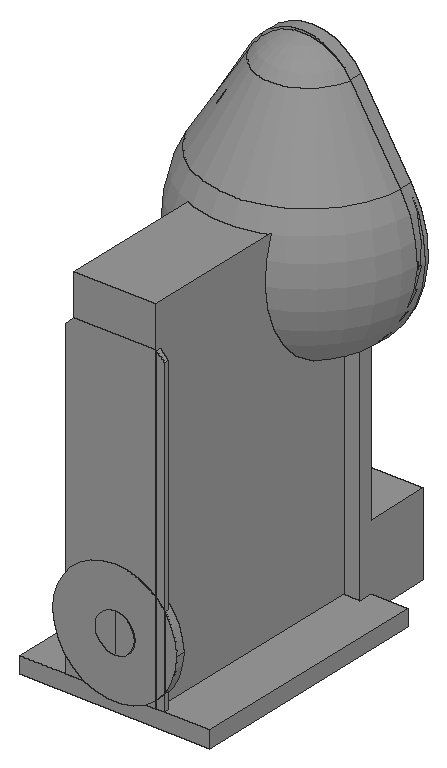
Revit family "Toilet-Willoughby-ETF-1490-FM-FA-BS", category Plumbing Fixtures, Revit 2015
Parameters (values of type "Standard")
  Waste DIA = 2 3/8"
  Waste Connection = yes
  W-RAD [instance] = Waste DIA / 2  # 0' - 1 3/16"
  Vent Connection = no
  URL = "https://www.willoughby-ind.com/wp-content/uploads/2018/01/ETF-1490-FM-FA.pdf"
  Type Comments = ""
  Revision = "A"
  Model = "ETF-1490-FM-FA-BS"
  Manufacturer = "Willoughby Industries"
  HW Connection = no
  Flush inlet DIA = 1 1/2"
  Flush Inlet Connection = yes
  Fixture Body = Stainless Steel AISI 304-Willoughby
  F-RAD [instance] = Flush inlet DIA / 2  # 0' - 0 3/4"
  Description = "Floor Outlet, Floor Mounted Toilet, Front Access, Back Spud"
  Default Elevation = 0' - 0"
  Contact Number = "(800) 428-4065"
  CW Connection = no
Reference planes (in)
  plane 1 "Base": y = -16.25
  plane 2: z = 0
  plane 3 "Center": x = 18.31072
  plane 4 "Waste height": y = -4.75
  plane 5: y = -1.25
  plane 6: z = -6.75
  plane 7: y = -2.125
  plane 8: y = -14.0625
  plane 9: y = 0.5
  plane 10: x = 16.56072
  plane 11: x = 20.06072
  plane 12: x = 11.56072
  plane 13: x = 25.06072
  plane 14: z = 23
  plane 15: z = 30.75
  plane 16: x = 15.81072
  plane 17: x = 20.81072
  plane 18: x = 15.81072
  plane 19: x = 20.81072
  plane 20: z = 4.25
  plane 21: x = 12.56072
  plane 22: x = 24.06072
  plane 23: y = 2.75
Forms (in)
  Extrusion 1, solid, material "Stainless Steel AISI 304-Willoughby" <- "Fixture Body"
    sketch origin (16.08109, 7.47968, -2.20225) x (-1, 0, 0) y (0, 0, -1)
      loop
        line (1.29775, -16.80087) -> (1.29775, -3.20225) -> (-5.72963, -3.20225) -> (-5.72963, -16.81676)
        arc (-5.72963, -16.81676) -> (-8.98136, -21.11843) -> (-8.21015, -26.45542) r 7
        line (-8.21015, -26.45542) -> (-5.16818, -31.31054)
        arc (-5.16818, -31.31054) -> (-2.20225, -32.95225) -> (0.76368, -31.31054) r 3.5
        line (0.76368, -31.31054) -> (3.80565, -26.45542)
        arc (3.80565, -26.45542) -> (4.5729, -21.10311) -> (1.29775, -16.80087) r 7
      loop
        arc (2.03989, -24.70557) -> (-2.20225, -18.23804) -> (-6.44438, -24.70557) r 4.625
        line (-6.44438, -24.70557) -> (-4.04125, -30.23842)
        arc (-4.04125, -30.23842) -> (-2.20225, -31.45225) -> (-0.36324, -30.23842) r 2
        line (-0.36324, -30.23842) -> (2.03989, -24.70557)
    from 8.72968 to 9.5
  Revolve 2, solid, material "Stainless Steel AISI 304-Willoughby" <- "Fixture Body"
    sketch origin (19.37246, -1.52032, 1.00169) x (-1, 0, 0) y (0, 0, -1)
      loop
        line (1.06174, -12.59906) -> (1.06174, -12.84906)
        arc (1.06174, -12.84906) -> (6.91177, -17.54136) -> (5.58904, -24.92315) r 7.34171
        line (5.58904, -24.92315) -> (3.81535, -27.91457)
        arc (3.81535, -27.91457) -> (2.63527, -29.03194) -> (1.06174, -29.43826) r 3.25
        line (1.06174, -29.43826) -> (1.06174, -29.68826)
        arc (1.06174, -29.68826) -> (2.75672, -29.25045) -> (4.02767, -28.04656) r 3.5
        line (4.02767, -28.04656) -> (7.06964, -23.19143)
        arc (7.06964, -23.19143) -> (7.15052, -16.14555) -> (1.06174, -12.59906) r 7
      axis (1.06174, -12.59906) -> (1.06174, -29.68826)
    angle from 0 to -180
  Extrusion 3, solid, material "Stainless Steel AISI 304-Willoughby" <- "Fixture Body"
    sketch origin (19.53334, -3.02032, -4.9508) x (0, 1, 0) y (0, 0, 1)
      loop
        line (-4.42257, 4.9508) -> (1.02643, 4.9508) -> (1.02643, 18.97156)
        arc (1.02643, 18.97156) -> (-2.31062, 20.32275) -> (-4.42257, 23.23845) r 6.52287
        line (-4.42257, 23.23845) -> (-4.42257, 4.9508)
    from 1.27686 to -3.72262
  Extrusion 4, solid, material "Stainless Steel AISI 304-Willoughby" <- "Fixture Body"
    sketch origin (18.31072, 0, -1) x (0, 1, 0) y (0, 0, 1)
      loop
        line (-1.25, 1) -> (2.75, 1) -> (2.75, 6) -> (-1.25, 6) -> (-1.25, 1)
    from -3.52738 to 3.5
  Extrusion 5, solid, material "Stainless Steel AISI 304-Willoughby" <- "Fixture Body"
    sketch origin (0, 0, 0) x (1, 0, 0) y (0, 1, 0)
      loop
        circle (18.31072, 0.5) r 0.75
    from 0 to 1
  Extrusion 6, solid, material "Stainless Steel AISI 304-Willoughby" <- "Fixture Body"
    sketch origin (0, -16.25, 0) x (1, 0, 0) y (0, 0, 1)
      loop
        line (24.06072, 0) -> (24.06072, 1) -> (12.56072, 1) -> (12.56072, 0) -> (24.06072, 0)
    from -15 to 0
  Extrusion 7, solid, material "Stainless Steel AISI 304-Willoughby" <- "Fixture Body"
    sketch origin (0, -16.25, 0) x (1, 0, 0) y (0, 0, 1)
      loop
        line (20.81072, 0) -> (20.81072, 23) -> (15.81072, 23) -> (15.81072, 0) -> (20.81072, 0)
    from 0 to -8.80711
  Revolve 8, solid, material "Stainless Steel AISI 304-Willoughby" <- "Fixture Body"
    sketch origin (18.31072, 0, 0) x (0, 1, 0) y (0, 0, 1)
      loop
        line (-16.25152, 4.25) -> (-14.08343, 4.25) -> (-14.08343, 5.4375) -> (-16.25152, 5.4375) -> (-16.25152, 4.25)
      axis (-14.08343, 4.25) -> (-16.25152, 4.25)
    angle from 0 to 360
  Extrusion 9, solid, material "Stainless Steel AISI 304-Willoughby" <- "Fixture Body"
    sketch origin (0, -16.25, 0) x (1, 0, 0) y (0, 0, 1)
      loop
        circle (18.31072, 4.25) r 3.75
    from 0 to -0.5
  Extrusion 10, solid, material "Stainless Steel AISI 304-Willoughby" <- "Fixture Body"
    sketch origin (0, -16.25, 0) x (1, 0, 0) y (0, 0, 1)
      loop
        line (20.81072, 1) -> (21.31072, 1) -> (21.31072, 20) -> (20.81072, 20.5) -> (15.81072, 20.5) -> (15.31072, 20) -> (15.31072, 1) -> (15.81072, 1) -> (20.81072, 1)
    from 0 to -0.25
Cuts and joins
  joined: Extrusion 1, Extrusion 3, Extrusion 4, Extrusion 6, Extrusion 7
Lines and regions (in)
  symbolic lines
    curve 1: line (12.56072, -16.25, 0) -> (12.56072, -1.25, 0)
    curve 2: line (12.56072, -1.25, 0) -> (24.06072, -1.25, 0)
    curve 3: line (24.06072, -1.25, 0) -> (24.06072, -16.25, 0)
    curve 4: line (24.06072, -16.25, 0) -> (12.56072, -16.25, 0)
    curve 5: line (14.78334, -1.25, 0) -> (14.78334, 2.75, 0)
    curve 6: line (14.78334, 2.75, 0) -> (21.81072, 2.75, 0)
    curve 7: line (21.81072, 2.75, 0) -> (21.81072, -1.25, 0)
    curve 8: line (11.28334, -2.02032, 0) -> (11.28334, -1.25, 0)
    curve 9: line (11.28334, -1.25, 0) -> (25.28334, -1.25, 0)
    curve 10: line (25.28334, -1.25, 0) -> (25.28334, -2.02032, 0)
    curve 11: arc (25.28334, -2.02032, 0) -> (23.08111, -6.64837, 0) -> (18.31072, -8.52239, 0) r 6.97585
    curve 12: arc (18.31072, -8.52239, 0) -> (13.52719, -6.64379, 0) -> (11.28334, -2.02032, 0) r 7.0627
    curve 13: line (15.81072, -8.06019, 0) -> (15.81072, -16.25, 0)
    curve 14: line (20.81072, -8.06397, 0) -> (20.81072, -16.25, 0)
    curve 23: arc (21.81072, -16.25, 14.61451) -> (25.06245, -16.25, 18.91618) -> (24.29124, -16.25, 24.25317) r 7
    curve 24: line (24.29124, -16.25, 24.25317) -> (21.24927, -16.25, 29.1083)
    curve 25: arc (21.24927, -16.25, 29.1083) -> (18.28334, -16.25, 30.75) -> (15.31741, -16.25, 29.1083) r 3.5
    curve 26: line (15.31741, -16.25, 29.1083) -> (12.35249, -16.25, 24.379)
    curve 27: arc (12.35249, -16.25, 24.379) -> (11.49002, -16.25, 18.97236) -> (14.78334, -16.25, 14.59862) r 7
    curve 28: line (12.56072, -16.25, 0) -> (24.06072, -16.25, 0)
    curve 29: line (24.06072, -16.25, 0) -> (24.06072, -16.25, 1)
    curve 30: line (24.06072, -16.25, 1) -> (21.81072, -16.25, 1)
    curve 31: line (14.78334, -16.25, 1) -> (12.56072, -16.25, 1)
    curve 32: line (12.56072, -16.25, 1) -> (12.56072, -16.25, 0)
    curve 39: line (18.31072, -16.25, 0) -> (18.31072, 2.75, 0)
    curve 40: line (18.31072, 2.75, 0) -> (18.31072, 2.75, 5)
    curve 41: line (18.31072, 2.75, 5) -> (18.31072, -1.25, 5)
    curve 42: line (18.31072, -1.25, 5) -> (18.31072, -1.25, 30.75)
    curve 43: line (18.31072, -1.25, 30.75) -> (18.31072, -2.02032, 30.75)
    curve 44: arc (18.31072, -2.02032, 30.75) -> (18.31072, -3.30775, 30.20786) -> (18.31072, -4.32667, 29.25224) r 3.95799
    curve 45: line (18.31072, -4.32667, 29.25224) -> (18.31072, -7.52822, 24.19312)
    curve 46: arc (18.31072, -7.52822, 24.19312) -> (18.31072, -7.8446, 23.61437) -> (18.31072, -8.08458, 23) r 5.16145
    curve 47: line (18.31072, -7.5944, 23) -> (18.31072, -16.25, 23)
    curve 48: line (18.31072, -16.25, 23) -> (18.31072, -16.25, 0)
    curve 49: line (18.31072, -16.25, 1) -> (18.31072, -2.02032, 1)
    curve 50: line (18.31072, -2.02032, 0) -> (18.31072, -2.02032, 14.0236)
    curve 51: arc (18.31072, -2.02032, 14.0236) -> (18.31072, -4.33607, 14.70091) -> (18.31072, -6.27296, 16.13962) r 6.84521
    curve 52: arc (18.31072, -6.27296, 16.13962) -> (18.31072, -7.60685, 18.26418) -> (18.31072, -8.03719, 20.73557) r 6.50212
    curve 53: arc (18.31072, -8.03719, 20.73557) -> (18.31072, -7.91305, 21.88681) -> (18.31072, -7.5944, 23) r 6.76463
    curve 54: line (14.78334, -16.25, 14.59862) -> (14.78334, -16.25, 1)
    curve 55: line (21.81072, -16.25, 14.61451) -> (21.81072, -16.25, 1)
    curve 56: line (21.81072, -16.25, 5) -> (14.78334, -16.25, 5)
  symbolic lines, detail levels fine
    curve 15: line (14.56072, -16.25, 0) -> (14.56072, -15.75, 0)
    curve 16: line (14.56072, -15.75, 0) -> (15.81072, -15.75, 0)
    curve 17: line (20.81072, -15.75, 0) -> (22.06072, -15.75, 0)
    curve 18: line (22.06072, -15.75, 0) -> (22.06072, -16.25, 0)
    curve 19: line (21.31072, -16.25, 0) -> (21.31072, -16, 0)
    curve 20: line (21.31072, -16, 0) -> (20.81072, -16, 0)
    curve 21: line (15.31072, -16.25, 0) -> (15.31072, -16, 0)
    curve 22: line (15.31072, -16, 0) -> (15.81072, -16, 0)
  symbolic lines, detail levels medium+fine
    curve 33: arc (14.78334, -16.25, 5.52282) -> (14.56072, -16.25, 4.25) -> (14.78334, -16.25, 2.97718) r 3.75
    curve 34: arc (21.81072, -16.25, 2.90371) -> (22.06072, -16.25, 4.25) -> (21.81072, -16.25, 5.59629) r 3.75
    curve 35: line (22.52547, -16.25, 22.50332) -> (20.12234, -16.25, 28.03617)
    curve 36: arc (20.12234, -16.25, 28.03617) -> (18.28334, -16.25, 29.2424) -> (16.44433, -16.25, 28.03617) r 2.00498
    curve 37: line (16.44433, -16.25, 28.03617) -> (14.0412, -16.25, 22.50332)
    curve 38: arc (14.0412, -16.25, 22.50332) -> (18.28334, -16.25, 16.0358) -> (22.52547, -16.25, 22.50332) r 4.625
Dimensions and locks (in)
  plane 1 "Base" to plane 4 "Waste height" = 0' - 11 1/2"
  plane 1 "Base" to plane 5 = 1' - 3"
  locked: plane 1 "Base" to plane 9 at 16.75
  level to plane 15 = 2' - 6 3/4"
  plane 21 to plane 22 = 0' - 11 1/2"  (x2)
  plane 13 to plane 22 = 0' - 1"
  plane 18 to plane 19 = 0' - 5"
  "F-RAD": radius of Extrusion 5 sketch curve
  aligned and locked: plane 9 to Extrusion 5 sketch curve
  aligned and locked: plane 3 "Center" to Extrusion 5 sketch curve
  aligned and locked: Revolve 8 sketch curve to Revolve 8 sketch curve  (x2)
  aligned and locked: Extrusion 5 to level
Automatic sketch dimensions
  Extrusion 1 sketch curve to Extrusion 1 sketch curve = 0' - 0"  (x8)
  level to Extrusion 1 sketch curve = 0' - 1"
  plane 3 "Center" to Extrusion 1 sketch curve = 0' - 5.98052"
  Extrusion 1 sketch curve to Extrusion 1 sketch curve = 0' - 1.76576"  (x2)
  plane 3 "Center" to Extrusion 1 sketch curve = 0' - 3 1/2"
  plane 3 "Center" to Extrusion 1 sketch curve = 0' - 2.93855"
  Extrusion 1 sketch curve to Extrusion 1 sketch curve = 0' - 1.12693"  (x2)
  Extrusion 1 sketch curve to plane 3 "Center" = 0' - 0.02738"  (x2)
  Extrusion 1 sketch curve to plane 3 "Center" = 0' - 1.86639"
  Extrusion 1 sketch curve to plane 3 "Center" = 0' - 3.52738"
  Extrusion 1 sketch curve to plane 3 "Center" = 0' - 4 69/256"
  Extrusion 1 sketch curve to Extrusion 1 sketch curve = 1' - 1.59862"
  Extrusion 1 sketch curve to Extrusion 1 sketch curve = 0' - 0.01589"
  Extrusion 1 sketch curve to Extrusion 1 sketch curve = 0' - 6.06218"
  Extrusion 1 sketch curve to Extrusion 1 sketch curve = 0' - 1.74985"
  Extrusion 1 sketch curve to Extrusion 1 sketch curve = 0' - 4.74668"
  Extrusion 1 sketch curve to Extrusion 1 sketch curve = 0' - 0.78617"
  Extrusion 1 sketch curve to Extrusion 1 sketch curve = 0' - 1.07212"
  Extrusion 4 sketch curve to level = 0' - 0"
  Extrusion 4 sketch curve to plane 5 = 0' - 0"
  Extrusion 4 sketch curve to plane 9 = 0' - 2 1/4"
  level to Extrusion 4 sketch curve = 0' - 5"
  Extrusion 6 sketch curve to level = 0' - 0"
  level to Extrusion 6 sketch curve = 0' - 1"
  plane 12 to Extrusion 6 sketch curve = 0' - 1"
  Extrusion 6 sketch curve to plane 13 = 0' - 1"
  Extrusion 7 sketch curve to level = 0' - 0"
  Extrusion 7 sketch curve to plane 10 = 0' - 0 3/4"
  plane 11 to Extrusion 7 sketch curve = 0' - 0 3/4"
  Extrusion 7 sketch curve to plane 14 = 0' - 0"
  Extrusion 3 sketch curve to level = 0' - 0"
  plane 4 "Waste height" to Extrusion 3 sketch curve = 0' - 2.69289"
  plane 7 to Extrusion 3 sketch curve = 0' - 0.13111"
  plane 5 to Extrusion 3 sketch curve = 0' - 0.05941"
  Extrusion 3 sketch curve to plane 14 = 0' - 2.49238"
  Extrusion 3 sketch curve to Extrusion 3 sketch curve = 0' - 6.48686"
  Revolve 2 sketch curve to plane 3 "Center" = 0' - 0"  (x3)
  plane 3 "Center" to Revolve 2 sketch curve = 0' - 0"
  Revolve 2 sketch curve to plane 11 = 0' - 0.72567"
  plane 18 to Revolve 2 sketch curve = 0' - 0.25361"
  Revolve 2 sketch curve to Revolve 2 sketch curve = 0' - 0.21232"
  plane 12 to Revolve 2 sketch curve = 0' - 0.7421"
  Revolve 2 sketch curve to plane 15 = 0' - 0.06005"
  Revolve 2 sketch curve to Revolve 2 sketch curve = 0' - 0 1/4"  (x2)
  Revolve 2 sketch curve to plane 15 = 0' - 1.70176"
  Revolve 2 sketch curve to Revolve 2 sketch curve = 0' - 0.13199"
  plane 14 to Revolve 2 sketch curve = 0' - 1.19312"
  Revolve 2 sketch curve to plane 14 = 0' - 1.87935"
  Revolve 2 sketch curve to Revolve 2 sketch curve = 0' - 0.51991"
  plane 18 to Revolve 2 sketch curve = 0' - 2.0273"
  plane 14 to Revolve 2 sketch curve = 0' - 0.93995"
  Revolve 2 sketch curve to Revolve 2 sketch curve = 0' - 2.4108"
  Extrusion 9 sketch curve to plane 3 "Center" = 0' - 0"
  Extrusion 9 sketch curve to plane 20 = 0' - 0"
  plane 18 to Extrusion 10 sketch curve = 0' - 0"  (x2)
  plane 19 to Extrusion 10 sketch curve = 0' - 0"  (x2)
  Extrusion 10 sketch curve to Extrusion 10 sketch curve = 0' - 0 1/2"  (x3)
  Extrusion 10 sketch curve to plane 19 = 0' - 0 1/2"
  level to Extrusion 10 sketch curve = 0' - 1"
  Extrusion 10 sketch curve to plane 14 = 0' - 3"
  Revolve 8 sketch curve to plane 20 = 0' - 0"
  plane 1 "Base" to Revolve 8 sketch curve = 0' - 0.00152"
  plane 8 to Revolve 8 sketch curve = 0' - 0.02093"
  plane 20 to Revolve 8 sketch curve = 0' - 1 3/16"
  Revolve 8 sketch curve to Revolve 8 sketch curve = 0' - 1.49848"
  plane 5 to curve 8 = 0' - 0"
  plane 5 to curve 2 = 0' - 0"
  curve 2 to plane 21 = 0' - 0"
  plane 1 "Base" to curve 15 = 0' - 0"
  curve 6 to plane 23 = 0' - 0"
  curve 22 to plane 18 = 0' - 0"
  curve 11 to plane 3 "Center" = 0' - 0"
  curve 12 to plane 3 "Center" = 0' - 0"
  curve 17 to plane 19 = 0' - 0"
  curve 4 to plane 22 = 0' - 0"
  curve 9 to plane 12 = 0' - 0.27738"
  curve 15 to plane 1 "Base" = 0' - 0 1/2"
  plane 18 to curve 15 = 0' - 1 1/4"
  plane 18 to curve 6 = 0' - 1.02738"
  plane 3 "Center" to curve 11 = 0' - 0.01288"
  plane 3 "Center" to curve 12 = 0' - 0.01304"
  curve 20 to curve 19 = 0' - 0 1/2"
  curve 6 to plane 19 = 0' - 1"
  curve 19 to curve 17 = 0' - 0 3/4"
  curve 2 to curve 10 = 0' - 1.22262"
  curve 20 to plane 1 "Base" = 0' - 0 1/4"
  curve 18 to curve 18 = 0' - 0 1/2"
  plane 7 to curve 8 = 0' - 0.10468"
  plane 7 to curve 10 = 0' - 0.10468"
  curve 21 to plane 1 "Base" = 0' - 0 1/4"
  plane 18 to curve 21 = 0' - 0 1/2"
  curve 49 to plane 1 "Base" = 0' - 0"
  curve 46 to plane 14 = 0' - 0"
  curve 43 to plane 15 = 0' - 0"
  curve 43 to plane 5 = 0' - 0"
  curve 41 to plane 23 = 0' - 0"
  curve 39 to level = 0' - 0"
  plane 4 "Waste height" to curve 47 = 0' - 2.8444"
  plane 14 to curve 45 = 0' - 1.19312"
  curve 53 to curve 45 = 0' - 0.06618"
  curve 45 to plane 4 "Waste height" = 0' - 0.42333"
  curve 46 to plane 7 = 0' - 1.04173"
  plane 7 to curve 43 = 0' - 0.10468"
  plane 5 to curve 52 = 0' - 0.2866"
  plane 5 to curve 51 = 0' - 0.03668"
  plane 5 to curve 53 = 0' - 0.02415"
  curve 44 to plane 5 = 0' - 0.09792"
  plane 20 to curve 42 = 0' - 0 3/4"
  curve 50 to plane 14 = 0' - 8.9764"
  curve 53 to plane 14 = 0' - 2.41138"
  curve 53 to curve 52 = 0' - 0.0057"
  curve 53 to curve 51 = 0' - 0.24076"
  curve 46 to plane 14 = 0' - 1.56695"
  curve 44 to curve 42 = 0' - 3.86159"
  curve 52 to curve 53 = 0' - 0"
  plane 7 to curve 49 = 0' - 0.10468"
  level to curve 49 = 0' - 1"
  curve 23 to curve 27 = 0' - 0"
  curve 23 to curve 38 = 0' - 0"  (x2)
  curve 27 to curve 38 = 0' - 0"
  curve 33 to curve 34 = 0' - 0"  (x2)
  plane 21 to curve 28 = 0' - 0"
  curve 34 to plane 3 "Center" = 0' - 0"
  plane 22 to curve 28 = 0' - 0"
  curve 32 to level = 0' - 0"
  curve 34 to plane 20 = 0' - 0"
  plane 21 to curve 26 = 0' - 0.20823"
  curve 37 to plane 14 = 0' - 0.49668"
  curve 37 to plane 21 = 0' - 1 123/256"
  plane 18 to curve 54 = 0' - 1.02738"
  plane 18 to curve 26 = 0' - 0.49331"
  curve 37 to plane 10 = 0' - 0.11639"
  curve 27 to plane 3 "Center" = 0' - 0.02738"
  curve 25 to plane 3 "Center" = 0' - 0.02738"
  curve 25 to curve 36 = 0' - 0"
  plane 11 to curve 35 = 0' - 0.06162"
  curve 24 to plane 19 = 0' - 0.43855"
  curve 55 to plane 19 = 0' - 1"
  curve 35 to plane 14 = 0' - 0.49668"
  curve 24 to plane 22 = 0' - 0.23052"
  level to curve 54 = 0' - 1"
  level to curve 55 = 0' - 1"
  curve 54 to curve 37 = 0' - 7.9047"
  curve 27 to curve 55 = 0' - 0.01589"
  curve 23 to plane 14 = 0' - 2.3392"
  curve 36 to plane 15 = 0' - 3.51258"
  curve 36 to curve 25 = 0' - 0.01258"
  curve 25 to curve 37 = 0' - 0.78617"
  curve 37 to curve 26 = 0' - 1.07212"
  curve 34 to plane 20 = 0' - 1.34629"
  curve 33 to plane 20 = 0' - 1.27282"
  curve 56 to curve 34 = 0' - 0.59629"
  radius of Extrusion 9 sketch curve = 0' - 3 3/4"
Connectors (in)
  piping at (18.31072, 0.5, 1), diameter 1.5, driven by "F-RAD", driven by "Flush Inlet Connection"
    settings: on Extrusion 5, index 2, connector inside diameter 1 1/2", connector length 0' - 0", flow factor 0, pipe flow 0 GPM, pressure drop 0.00 psi, fitting loss kfactor 0, connector angle 0.00°, fixture units 0, engagement length 0' - 0", angle of deflection 0.00°, flow configuration 0, flow direction 1, fitting loss method 0, system type 20, joint type 0, gender type 0, connector reference index -1, connector utility 1, adjustable connector no, is connector primary yes, connector description "Flush Inlet"
  piping at (18.31072, -16.25152, 4.25), diameter 2.375, driven by "W-RAD", driven by "Waste Connection"
    settings: on Revolve 8, index 4, connector inside diameter 24", connector length 0' - 0", flow factor 0, pipe flow 0 GPM, pressure drop 0.00 psi, fitting loss kfactor 0, connector angle 0.00°, fixture units 0, engagement length 0' - 0", angle of deflection 0.00°, flow configuration 0, flow direction 2, fitting loss method 0, system type 16, joint type 0, gender type 0, connector reference index -1, connector utility 1, adjustable connector no, is connector primary no, connector description "Toilet Waste"
